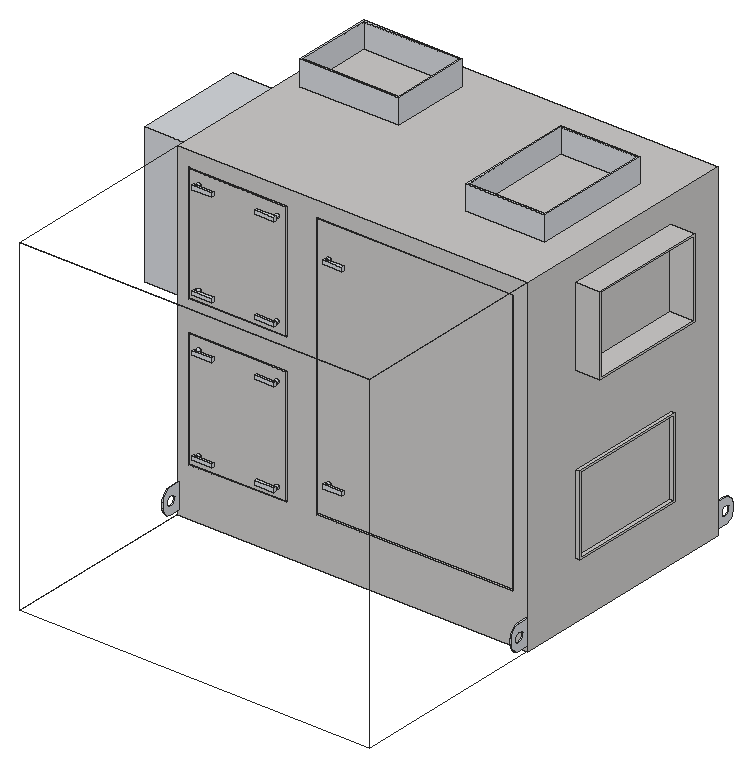
Revit family "DN-2IN-1FP-ERV", category Mechanical Equipment, Revit 2016
Family settings
  Part Type = Normal
  Round Connector Dimension = Use Diameter
  OmniClass Number = 23.75.00.00
  OmniClass Title = Climate Control (HVAC)
  Work Plane-Based = No
  Always vertical = Yes
  Cut with Voids When Loaded = No
  Shared = No
  Room Calculation Point = No
Parameters (values of type "2 @ 1.35 kW ea.")
  Voltage [instance] = "200-277 V"
  Unit Weight Range (lbs) [instance] = "1250-1425 lbs."
  Max. Shipping Weight (lbs) [instance] = "1450-1625 lbs."
  Unit Dimensions(L x W x H) [instance] = "86-1/2\" x 57-1/8\" x 71-7/8\""
  Shipping Dimensions (L x W x H) [instance] = "100\" x 90\" x 77\""
  Unit [instance] = Renewaire - Galvanized Steel
  URL = "www.renewaire.com"
  Typical Airflow Range = "375-1,650 CFM"
  Standard Features [instance] = "EC Motors for both airstreams, Direct drive backward inclined plenum, Higher ESP of up to 2\" w.g. at 1,500 CFM, Integrated programmable controls, True 100% face and bypass enthalpy based modulating economizer, Class 1 low leakage motorized isolation dampers, 1\" Double wall foam injected 20 gauge galvanized panel construction with R6.5 insulation"
  Service Area Visibility [instance] = yes
  Service Area Box [instance] = Renewaire - Interference
  Revit Object Download Link [instance] = ""
  Phase [instance] = "Single"
  Options [instance] = "Onboard variable frequency drives (VFDs) - both airstreams, Fused disconnect, Spring isolators (VFDs only), 2\" Double wall foam injected 20 gauge galvanized panel construction with R13 insulation, Exterior paint - grey, white, custom color, BACNET factory activation, GFCI convenience outlet, Recirculation damper"
  Number Motors [instance] = "Qty. 2, Direct drive motorized impeller packages"
  Model = "DN-2IN-1FP-ERV"
  Minimum Circuit Amps [instance] = "15.1 A"
  Maximum Overcurrent Protection [instance] = "20 A"
  Manufacturer = "Renewaire LLC"
  Inlets/Outlets [instance] = "OA & RA Inlets: 24\" x 16\", SA Outlet: 24\" x 16\", EA Outlet: 20\" x 16\""
  Frequency [instance] = "50/60 Hz"
  Filters [instance] = "Total qty. 4, MERV 8: 16\" x 20\" x 2\""
  FLA per Motor [instance] = "6.7-4.8"
  Energy Recovery Type [instance] = "Static plate total energy transfer"
  Description = "Energy Recovery Ventilator"
  Accessories [instance] = "Filters - MERV 13, 2\"  and 4\" (shipped loose), MERV 14, 2\" and 4\" (shipped loose), Additional filters available upon request, Duct mounted electric pre-heater (separately powered), Carbon dioxide sensor/control - wall mount (CO2-W), duct mount (CO2-D), IAQ sensor - wall mount (IAQ-W), duct mount (IAQ-D), Motion occupancy sensor/control - ceiling mount (MC-C), wall mount (MC-W), Smoke detector, Room temperature and humidity sensor, Duct static pressure sensor with display to 10\", without display 0-2\", Room pressure sensor with display to 1\", without display 0-1\", Remote display"
  AHRI 1060 Certified Core [instance] = "One L-62-G5 and one L-125-G5"
Types (7): name | Voltage | Phase | Minimum Circuit Amps | Maximum Overcurrent Protection | FLA per Motor
  (no name) | "200-277 V" | "Single" | "15.1 A" | "20 A" | "6.7-4.8"
  2 @ 1.35 kW ea. | "200-277 V" | "Single" | "15.1 A" | "20 A" | "6.7-4.8"
  2 @ 2.70 kW ea. | "200-240 V" | "Three" | "19.4 A" | "25 A" | "8.6-7.2"
  2 @ 3.70 kW ea. | "380-480 V" | "Three" | "13.5 A" | "15 A" | "6.0-4.6"
  2 @ 3HP ea. 208-230V | "208-230 V" | "Three" | "20.3 A" | "25 A" | "9-8.4/4.2"
  2 @ 3HP ea. 460V | "460V" | "Three" | "9.5 A" | "15 A" | "4.2"
  2 @ 3HP ea. 575V | "575V" | "Three" | "7.4 A" | "15 A" | "3.3"
Reference planes (in)
  plane 1 "Center (Front/Back)": y = 0
  plane 2: z = 0
  plane 3 "Center (Left/Right)": x = 0
  plane 4: y = -24
  plane 5: x = -10.875
Forms (in)
  Extrusion 1, solid, material "Renewaire - Galvanized Steel" <- "Unit"
    sketch origin (0, 0, 0) x (1, 0, 0) y (0, 1, 0)
      loop
        line (-10.875, 23.99995) -> (-10.875, -24) -> (60, -24) -> (60, 23.99995) -> (-10.875, 23.99995)
    from 0 to 66.875
  Extrusion 2, void
    sketch origin (0, 0, 0) x (1, 0, 0) y (0, 0, 1)
      loop
        line (-8.69064, 63.824) -> (-8.69064, 39.82399) -> (11.30935, 39.82399) -> (11.30935, 63.824) -> (-8.69064, 63.824)
      loop
        line (-8.69064, 33.824) -> (-8.69064, 9.824) -> (11.30935, 9.824) -> (11.30935, 33.824) -> (-8.69064, 33.824)
      loop
        line (17.22532, 63.824) -> (17.22532, 9.824) -> (57.22532, 9.824) -> (57.22532, 63.824) -> (17.22532, 63.824)
    from 23 to 25
  Extrusion 3, void
    sketch origin (-2.21887, 0, 0) x (1, 0, 0) y (0, 1, 0)
      loop
        line (-6.65613, 21.99995) -> (-6.65613, -22) -> (57.89381, -22) -> (57.89381, 21.99995) -> (-6.65613, 21.99995)
    from 0 to 6
  Extrusion 4, solid, material "Renewaire - Galvanized Steel" <- "Unit"
    sketch origin (0, 0, 0) x (0, 1, 0) y (0, 0, 1)
      loop
        line (-12.00006, 61.824) -> (-12.00006, 45.824) -> (11.99994, 45.824) -> (11.99994, 61.824) -> (-12.00006, 61.824)
      loop
        line (-11.75006, 61.574) -> (-11.75006, 46.074) -> (11.74994, 46.074) -> (11.74994, 61.574) -> (-11.75006, 61.574)
    from 60 to 65
  Extrusion 5, void
    sketch origin (29.93058, 0, 0) x (1, 0, 0) y (0, 1, 0)
      loop
        line (-34.74308, 17.37494) -> (-34.74308, -6.62506) -> (-18.74308, -6.62506) -> (-18.74308, 17.37494) -> (-34.74308, 17.37494)
      loop
        line (7.96323, 11.99993) -> (7.96323, -12.00007) -> (23.96322, -12.00007) -> (23.96322, 11.99993) -> (7.96323, 11.99993)
    from 5 to 6.125
  Extrusion 6, solid, material "Renewaire - Galvanized Steel" <- "Unit"
    sketch origin (0, 0, 0) x (1, 0, 0) y (0, 0, 1)
      loop
        line (11.30935, 61.82401) -> (-8.69064, 61.82401) -> (-8.69064, 45.82401) -> (11.30935, 45.82401) -> (11.30935, 61.82401)
      loop
        line (11.05935, 61.57401) -> (-8.44064, 61.57401) -> (-8.44064, 46.07401) -> (11.05935, 46.07401) -> (11.05935, 61.57401)
    from -24 to -29
  Extrusion 7, solid, material "Renewaire - Galvanized Steel" <- "Unit"
    sketch origin (0, 0, 0) x (0, 1, 0) y (0, 0, 1)
      loop
        line (18.60019, 30.89209) -> (-5.39982, 30.89209) -> (-5.39982, 14.89209) -> (18.60019, 14.89209) -> (18.60019, 30.89209)
      loop
        line (18.35019, 30.64209) -> (-5.14982, 30.64209) -> (-5.14982, 15.14209) -> (18.35019, 15.14209) -> (18.35019, 30.64209)
    from -10.875 to -11.875
  Extrusion 8, solid, material "Renewaire - Galvanized Steel" <- "Unit"
    sketch origin (0, 0, 0) x (0, 1, 0) y (0, 0, 1)
      loop
        line (-12.00006, 27.784) -> (-12.00006, 11.78399) -> (11.99994, 11.78399) -> (11.99994, 27.784) -> (-12.00006, 27.784)
      loop
        line (-11.75006, 27.534) -> (-11.75006, 12.03399) -> (11.74994, 12.03399) -> (11.74994, 27.534) -> (-11.75006, 27.534)
    from 60 to 61
  Extrusion 9, solid, material "Renewaire - Galvanized Steel" <- "Unit"
    sketch origin (0, 0, 0) x (1, 0, 0) y (0, 0, 1)
      loop
        line (17.47532, 63.574) -> (17.47532, 10.324) -> (56.97532, 10.324) -> (56.97532, 63.574) -> (17.47532, 63.574)
      loop
        line (-8.44064, 63.574) -> (-8.44064, 40.07399) -> (11.05935, 40.07399) -> (11.05935, 63.574) -> (-8.44064, 63.574)
      loop
        line (-8.44064, 33.574) -> (-8.44064, 10.074) -> (11.05935, 10.074) -> (11.05935, 33.574) -> (-8.44064, 33.574)
    from 23 to 24
  Extrusion 10, solid, material "Renewaire - Interference" <- "Service Area Box", visible <- "Service Area Visibility"
    sketch origin (0, 0, 0) x (1, 0, 0) y (0, 1, 0)
      loop
        line (-10.875, -24) -> (-10.875, -64) -> (60, -64) -> (60, -24) -> (-10.875, -24)
    from 66.875 to 0
  Extrusion 11, solid
    sketch origin (0, 0, 0) x (0, 1, 0) y (0, 0, 1)
      loop
        line (3.25, 64.375) -> (-19, 64.375) -> (-19, 36.25) -> (3.25, 36.25) -> (3.25, 64.375)
    from -10.875 to -21.625
  Extrusion 12, solid
    sketch origin (0, 0, 0) x (1, 0, 0) y (0, 1, 0)
      loop
        line (-7.70596, 18.99991) -> (-7.70596, 2.9999) -> (12.29402, 2.9999) -> (12.29402, 18.99991) -> (-7.70596, 18.99991)
      loop
        line (12.04402, 18.74991) -> (-7.45596, 18.74991) -> (-7.45596, 3.2499) -> (12.04402, 3.2499) -> (12.04402, 18.74991)
      loop
        line (37.89381, 11.99993) -> (37.89381, -12.00007) -> (53.89381, -12.00007) -> (53.89381, 11.99993) -> (37.89381, 11.99993)
      loop
        line (38.14381, 11.74993) -> (38.14381, -11.75007) -> (53.64381, -11.75007) -> (53.64381, 11.74993) -> (38.14381, 11.74993)
    from 71.875 to 66.875
Cuts and joins
  Extrusion 2, Extrusion 3, Extrusion 5 cuts Extrusion 1
Dimensions and locks (in)
  aligned and locked: level to plane 2
  aligned and locked: nested 1 to cut or joined group of Extrusion 1, Extrusion 2, Extrusion 3, Extrusion 5
Nested families (in)
  nested 1: "Lifting Lug" at (-10.625, -24, 0.74999) x (0, -1, 0) z (0, 0, 1), Material <- "Unit", type "Lifting Lug"
    with Material Renewaire - Galvanized Steel
  nested 2: "Lifting Lug" at (59.88692, -24, 0.74999) x (0, -1, 0) z (0, 0, 1), Material <- "Unit", type "Lifting Lug"
    with Material Renewaire - Galvanized Steel
  nested 3: "Handle" at (9.24525, -24, 61.25), type "Handle"
    with Right Handle no, Left Handle yes, Flip yes
  nested 4: "Handle" at (9.24525, -24, 42.11337), type "Handle"
    with Right Handle no, Left Handle yes, Flip yes
  nested 5: "Handle" at (-6.62654, -24, 61.25) x (-1, 0, 0) z (0, 0, 1), type "Handle"
    with Right Handle no, Left Handle yes, Flip yes
  nested 6: "Handle" at (-6.62654, -24, 42.11337) x (-1, 0, 0) z (0, 0, 1), type "Handle"
    with Right Handle no, Left Handle yes, Flip yes
  nested 7: "Handle" at (9.24525, -24, 31.25), type "Handle"
    with Right Handle no, Left Handle yes, Flip yes
  nested 8: "Handle" at (9.24525, -24, 12.11338), type "Handle"
    with Right Handle no, Left Handle yes, Flip yes
  nested 9: "Handle" at (-6.62654, -24, 31.25) x (-1, 0, 0) z (0, 0, 1), type "Handle"
    with Right Handle no, Left Handle yes, Flip yes
  nested 10: "Handle" at (-6.62654, -24, 12.11338) x (-1, 0, 0) z (0, 0, 1), type "Handle"
    with Right Handle no, Left Handle yes, Flip yes
  nested 11: "Lifting Lug" at (-10.625, 24, 0.74999) x (0, 1, 0) z (0, 0, 1), Material <- "Unit", type "Lifting Lug"
    with Material Renewaire - Galvanized Steel
  nested 12: "Lifting Lug" at (59.88692, 24, 0.74999) x (0, 1, 0) z (0, 0, 1), Material <- "Unit", type "Lifting Lug"
    with Material Renewaire - Galvanized Steel
  nested 13: "Handle" at (19.76858, -24, 57.0118) x (-1, 0, 0) z (0, 0, 1), type "Handle"
    with Right Handle no, Left Handle yes, Flip yes
  nested 14: "Handle" at (19.76858, -24, 16.2618) x (-1, 0, 0) z (0, 0, 1), type "Handle"
    with Right Handle no, Left Handle yes, Flip yes
Connectors (in)
  hvac at (65, -0.00006, 53.824)
    settings: on Extrusion 4, index 1, duct flow 0 CFM, flow factor 0, pres drop 0.00 in-wg, loss coef 0, conn angle 0.00°, conn width 24", conn height 16", conn diameter 24", duct sys type 4, conn prof type 1, flow config 0, flow direction 1, loss method 0, conn ref index -1, conn util no, is conn primary yes, conn desc "Outside Air (OA)"
  hvac at (61, -0.00006, 19.784)
    settings: on Extrusion 8, index 2, duct flow 0 CFM, flow factor 0, pres drop 0.00 in-wg, loss coef 0, conn angle 0.00°, conn width 24", conn height 16", conn diameter 24", duct sys type 2, conn prof type 1, flow config 0, flow direction 1, loss method 0, conn ref index -1, conn util no, is conn primary no, conn desc "Return Air (RA)"
  hvac at (1.30935, 29, 53.82401)
    settings: on Extrusion 6, index 5, duct flow 0 CFM, flow factor 0, pres drop 0.00 in-wg, loss coef 0, conn angle 0.00°, conn width 20", conn height 16", conn diameter 24", duct sys type 3, conn prof type 1, flow config 0, flow direction 2, loss method 0, conn ref index -1, conn util no, is conn primary no, conn desc "Exhaust Air (EA)"
  hvac at (-11.875, 6.60018, 22.89209)
    settings: on Extrusion 7, index 6, duct flow 0 CFM, flow factor 0, pres drop 0.00 in-wg, loss coef 0, conn angle 0.00°, conn width 24", conn height 16", conn diameter 24", duct sys type 1, conn prof type 1, flow config 0, flow direction 2, loss method 0, conn ref index -1, conn util no, is conn primary no, conn desc "Supply Air (SA)"
  hvac at (3.1875, 5.37494, 6.125)
    settings: on cut or joined group of Extrusion 1, Extrusion 2, Extrusion 3, Extrusion 5, index 7, duct flow 0 CFM, flow factor 0, pres drop 0.00 in-wg, loss coef 0, conn angle 0.00°, conn width 24", conn height 16", conn diameter 24", duct sys type 1, conn prof type 1, flow config 0, flow direction 2, loss method 0, conn ref index -1, conn util no, is conn primary no, conn desc "Supply Air (SA)"
  hvac at (45.89381, -0.00007, 6)
    settings: on cut or joined group of Extrusion 1, Extrusion 2, Extrusion 3, Extrusion 5, index 8, duct flow 0 CFM, flow factor 0, pres drop 0.00 in-wg, loss coef 0, conn angle 0.00°, conn width 24", conn height 16", conn diameter 24", duct sys type 2, conn prof type 1, flow config 0, flow direction 1, loss method 0, conn ref index -1, conn util no, is conn primary no, conn desc "Return Air (RA)"
  hvac at (2.29403, 10.99991, 71.875)
    settings: on Extrusion 12, index 9, duct flow 0 CFM, flow factor 0, pres drop 0.00 in-wg, loss coef 0, conn angle 0.00°, conn width 20", conn height 16", conn diameter 24", duct sys type 3, conn prof type 1, flow config 0, flow direction 2, loss method 0, conn ref index -1, conn util no, is conn primary no, conn desc "Exhaust Air (EA)"
  hvac at (45.89381, -0.00007, 71.875)
    settings: on Extrusion 12, index 10, duct flow 0 CFM, flow factor 0, pres drop 0.00 in-wg, loss coef 0, conn angle 0.00°, conn width 16", conn height 24", conn diameter 24", duct sys type 4, conn prof type 1, flow config 0, flow direction 1, loss method 0, conn ref index -1, conn util no, is conn primary no, conn desc "Outside Air (OA)"
Definition of nested family "Lifting Lug"
  Parameters (values of type "Lifting Lug")
    Material [instance] = none
  Reference planes (in)
    plane 1 "Center (Front/Back)": y = 0
    plane 2: z = 0
    plane 3 "Center (Left/Right)": x = 0
  Forms (in)
    Extrusion 1, solid
      sketch origin (0, 0, 0) x (1, 0, 0) y (0, 0, 1)
        loop
          line (0, 0.1875) -> (2, 0.1875)
          arc (2, 0.1875) -> (3.41421, 0.77329) -> (4, 2.1875) r 2
          line (4, 2.1875) -> (4, 3.1875)
          arc (4, 3.1875) -> (3.41421, 4.60171) -> (2, 5.1875) r 2
          line (2, 5.1875) -> (0, 5.1875) -> (0, 0.1875)
        loop
          circle (2.125, 2.6875) r 1
      from 0 to 0.25
  Dimensions and locks (in)
    aligned and locked: plane 2 to level
Definition of nested family "Handle"
  Parameters (values of type "Handle")
    Right Handle [instance] = not(Flip)  # no
    Material = none
    Left Handle [instance] = Flip  # yes
    Flip [instance] = yes
  Reference planes (in)
    plane 1 "Center (Front/Back)": y = 0
    plane 2: z = 0
    plane 3 "Center (Left/Right)": x = 0
  Forms (in)
    Extrusion 1, solid, material <- "Material"
      sketch origin (0, 0, 0) x (1, 0, 0) y (0, 0, 1)
        loop
          circle (0, 0) r 0.375
      from 0 to 0.75
    Extrusion 2, solid, material <- "Material", visible <- "Right Handle"
      sketch origin (0, 0, 0) x (1, 0, 0) y (0, 1, 0)
        loop
          line (-0.375, -0.75) -> (-0.375, -1.25) -> (3.625, -1.25) -> (3.625, -0.75) -> (-0.375, -0.75)
      from -0.375 to 0.375
    Extrusion 3, solid, material <- "Material", visible <- "Left Handle"
      sketch origin (-3.25, 0, 0) x (1, 0, 0) y (0, 1, 0)
        loop
          line (-0.375, -0.75) -> (-0.375, -1.25) -> (3.625, -1.25) -> (3.625, -0.75) -> (-0.375, -0.75)
      from -0.375 to 0.375
  Dimensions and locks (in)
    aligned and locked: plane 2 to level
